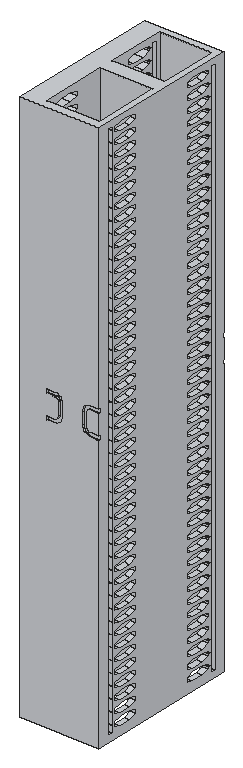
Revit family
Parameters
  Material ID = "760089375"
  Description = "Vertical Cable Management Kit, 12in X 84in (305mm X 2134mm) Double Sided, With Doors, Black"
Reference planes (in)
  plane 1 "Center (Front/Back)": y = 0
  plane 2: z = 0
  plane 3 "Center (Left/Right)": x = 0
Forms (in)
  Extrusion 1, void, not visible
    sketch origin (0, 0, 0) x (1, 0, 0) y (0, 0, 1)
      loop
        line (-7.85662, 0.48089) -> (-7.85662, -0.39002) -> (-7.67285, -0.39002) -> (-7.67285, -0.64002) -> (-7.0736, -0.64002) -> (-7.0736, -0.39002) -> (-6.92978, -0.39002) -> (-6.92978, 0.48089) -> (-7.85662, 0.48089)
    from -3.79215 to 12
  Extrusion 2, void, not visible
    sketch origin (0, 0, 0) x (1, 0, 0) y (0, 0, 1)
      loop
        line (-8.21397, 0.42583) -> (-8.21397, -0.07417) -> (-8.08657, -0.07417) -> (-8.08657, -0.27417) -> (-7.83657, -0.27417) -> (-7.83657, -0.07417) -> (-7.72497, -0.07417) -> (-7.72497, 0.42583) -> (-8.21397, 0.42583)
    from 0.74059 to 3.34334
  Extrusion 3, solid
    sketch origin (0, 0, 0) x (1, 0, 0) y (0, 0, 1)
      loop
        line (-8, 42) -> (-8, -42) -> (4, -42) -> (4, 42) -> (-8, 42)
    from 0 to 23.5
  Extrusion 4, void
    sketch origin (-5.59283, 0, 42) x (0, 1, 0) y (1, 0, 0)
      loop
        line (-1, 0.69283) -> (-1, 8.74283) -> (-10, 8.74283) -> (-10, 0.69283) -> (-1, 0.69283)
      loop
        line (-12.25, 0.69283) -> (-12.25, 8.74283) -> (-22.25, 8.74283) -> (-22.25, 0.69283) -> (-12.25, 0.69283)
    from 0 to 110
  Extrusion 5, void
    sketch origin (4, 0, 20.63333) x (0, 0, 1) y (0, 1, 0)
      loop
        line (-61.63333, -2.51) -> (20.53667, -2.51) -> (20.53667, -1.54) -> (-61.63333, -1.54) -> (-61.63333, -2.51)
      loop
        line (-61.63333, -20.99) -> (-61.63333, -21.96) -> (20.53667, -21.96) -> (20.53667, -20.99) -> (-61.63333, -20.99)
    from 0 to 12
  Extrusion 6, void
    sketch origin (4, 0, 20.63333) x (0, 0, 1) y (0, 1, 0)
      loop
        line (20.18661, -6.98) -> (20.53667, -5.835) -> (20.53667, -4.905) -> (20.53667, -3.975) -> (20.18661, -2.83) -> (19.91167, -2.83) -> (19.91167, -2.2587) -> (19.81167, -2.2587) -> (19.81167, -2.83) -> (19.53673, -2.83) -> (19.18667, -3.975) -> (19.18667, -5.835) -> (19.53673, -6.98) -> (20.18661, -6.98)
      loop
        line (18.43661, -6.98) -> (18.78667, -5.835) -> (18.78667, -4.905) -> (18.78667, -3.975) -> (18.43661, -2.83) -> (18.16167, -2.83) -> (18.16167, -2.2587) -> (18.06167, -2.2587) -> (18.06167, -2.83) -> (17.78673, -2.83) -> (17.43667, -3.975) -> (17.43667, -5.835) -> (17.78673, -6.98) -> (18.43661, -6.98)
      loop
        line (16.68661, -6.98) -> (17.03667, -5.835) -> (17.03667, -4.905) -> (17.03667, -3.975) -> (16.68661, -2.83) -> (16.41167, -2.83) -> (16.41167, -2.2587) -> (16.31167, -2.2587) -> (16.31167, -2.83) -> (16.03673, -2.83) -> (15.68667, -3.975) -> (15.68667, -5.835) -> (16.03673, -6.98) -> (16.68661, -6.98)
      loop
        line (14.93661, -6.98) -> (15.28667, -5.835) -> (15.28667, -4.905) -> (15.28667, -3.975) -> (14.93661, -2.83) -> (14.66167, -2.83) -> (14.66167, -2.2587) -> (14.56167, -2.2587) -> (14.56167, -2.83) -> (14.28673, -2.83) -> (13.93667, -3.975) -> (13.93667, -5.835) -> (14.28673, -6.98) -> (14.93661, -6.98)
      loop
        line (13.18661, -6.98) -> (13.53667, -5.835) -> (13.53667, -4.905) -> (13.53667, -3.975) -> (13.18661, -2.83) -> (12.91167, -2.83) -> (12.91167, -2.2587) -> (12.81167, -2.2587) -> (12.81167, -2.83) -> (12.53673, -2.83) -> (12.18667, -3.975) -> (12.18667, -5.835) -> (12.53673, -6.98) -> (13.18661, -6.98)
      loop
        line (11.43661, -6.98) -> (11.78667, -5.835) -> (11.78667, -4.905) -> (11.78667, -3.975) -> (11.43661, -2.83) -> (11.16167, -2.83) -> (11.16167, -2.2587) -> (11.06167, -2.2587) -> (11.06167, -2.83) -> (10.78673, -2.83) -> (10.43667, -3.975) -> (10.43667, -5.835) -> (10.78673, -6.98) -> (11.43661, -6.98)
      loop
        line (9.68661, -6.98) -> (10.03667, -5.835) -> (10.03667, -4.905) -> (10.03667, -3.975) -> (9.68661, -2.83) -> (9.41167, -2.83) -> (9.41167, -2.2587) -> (9.31167, -2.2587) -> (9.31167, -2.83) -> (9.03673, -2.83) -> (8.68667, -3.975) -> (8.68667, -5.835) -> (9.03673, -6.98) -> (9.68661, -6.98)
      loop
        line (7.93661, -6.98) -> (8.28667, -5.835) -> (8.28667, -4.905) -> (8.28667, -3.975) -> (7.93661, -2.83) -> (7.66167, -2.83) -> (7.66167, -2.2587) -> (7.56167, -2.2587) -> (7.56167, -2.83) -> (7.28673, -2.83) -> (6.93667, -3.975) -> (6.93667, -5.835) -> (7.28673, -6.98) -> (7.93661, -6.98)
      loop
        line (6.18661, -6.98) -> (6.53667, -5.835) -> (6.53667, -4.905) -> (6.53667, -3.975) -> (6.18661, -2.83) -> (5.91167, -2.83) -> (5.91167, -2.2587) -> (5.81167, -2.2587) -> (5.81167, -2.83) -> (5.53673, -2.83) -> (5.18667, -3.975) -> (5.18667, -5.835) -> (5.53673, -6.98) -> (6.18661, -6.98)
      loop
        line (4.43661, -6.98) -> (4.78667, -5.835) -> (4.78667, -4.905) -> (4.78667, -3.975) -> (4.43661, -2.83) -> (4.16167, -2.83) -> (4.16167, -2.2587) -> (4.06167, -2.2587) -> (4.06167, -2.83) -> (3.78673, -2.83) -> (3.43667, -3.975) -> (3.43667, -5.835) -> (3.78673, -6.98) -> (4.43661, -6.98)
      loop
        line (2.68661, -6.98) -> (3.03667, -5.835) -> (3.03667, -4.905) -> (3.03667, -3.975) -> (2.68661, -2.83) -> (2.41167, -2.83) -> (2.41167, -2.2587) -> (2.31167, -2.2587) -> (2.31167, -2.83) -> (2.03673, -2.83) -> (1.68667, -3.975) -> (1.68667, -5.835) -> (2.03673, -6.98) -> (2.68661, -6.98)
      loop
        line (0.93661, -6.98) -> (1.28667, -5.835) -> (1.28667, -4.905) -> (1.28667, -3.975) -> (0.93661, -2.83) -> (0.66167, -2.83) -> (0.66167, -2.2587) -> (0.56167, -2.2587) -> (0.56167, -2.83) -> (0.28673, -2.83) -> (-0.06333, -3.975) -> (-0.06333, -5.835) -> (0.28673, -6.98) -> (0.93661, -6.98)
      loop
        line (-0.81339, -6.98) -> (-0.46333, -5.835) -> (-0.46333, -4.905) -> (-0.46333, -3.975) -> (-0.81339, -2.83) -> (-1.08833, -2.83) -> (-1.08833, -2.2587) -> (-1.18833, -2.2587) -> (-1.18833, -2.83) -> (-1.46327, -2.83) -> (-1.81333, -3.975) -> (-1.81333, -5.835) -> (-1.46327, -6.98) -> (-0.81339, -6.98)
      loop
        line (-2.56339, -6.98) -> (-2.21333, -5.835) -> (-2.21333, -4.905) -> (-2.21333, -3.975) -> (-2.56339, -2.83) -> (-2.83833, -2.83) -> (-2.83833, -2.2587) -> (-2.93833, -2.2587) -> (-2.93833, -2.83) -> (-3.21327, -2.83) -> (-3.56333, -3.975) -> (-3.56333, -5.835) -> (-3.21327, -6.98) -> (-2.56339, -6.98)
      loop
        line (-4.31339, -6.98) -> (-3.96333, -5.835) -> (-3.96333, -4.905) -> (-3.96333, -3.975) -> (-4.31339, -2.83) -> (-4.58833, -2.83) -> (-4.58833, -2.2587) -> (-4.68833, -2.2587) -> (-4.68833, -2.83) -> (-4.96327, -2.83) -> (-5.31333, -3.975) -> (-5.31333, -5.835) -> (-4.96327, -6.98) -> (-4.31339, -6.98)
      loop
        line (-6.06339, -6.98) -> (-5.71333, -5.835) -> (-5.71333, -4.905) -> (-5.71333, -3.975) -> (-6.06339, -2.83) -> (-6.33833, -2.83) -> (-6.33833, -2.2587) -> (-6.43833, -2.2587) -> (-6.43833, -2.83) -> (-6.71327, -2.83) -> (-7.06333, -3.975) -> (-7.06333, -5.835) -> (-6.71327, -6.98) -> (-6.06339, -6.98)
      loop
        line (-7.81339, -6.98) -> (-7.46333, -5.835) -> (-7.46333, -4.905) -> (-7.46333, -3.975) -> (-7.81339, -2.83) -> (-8.08833, -2.83) -> (-8.08833, -2.2587) -> (-8.18833, -2.2587) -> (-8.18833, -2.83) -> (-8.46327, -2.83) -> (-8.81333, -3.975) -> (-8.81333, -5.835) -> (-8.46327, -6.98) -> (-7.81339, -6.98)
      loop
        line (-9.56339, -6.98) -> (-9.21333, -5.835) -> (-9.21333, -4.905) -> (-9.21333, -3.975) -> (-9.56339, -2.83) -> (-9.83833, -2.83) -> (-9.83833, -2.2587) -> (-9.93833, -2.2587) -> (-9.93833, -2.83) -> (-10.21327, -2.83) -> (-10.56333, -3.975) -> (-10.56333, -5.835) -> (-10.21327, -6.98) -> (-9.56339, -6.98)
      loop
        line (-11.31339, -6.98) -> (-10.96333, -5.835) -> (-10.96333, -4.905) -> (-10.96333, -3.975) -> (-11.31339, -2.83) -> (-11.58833, -2.83) -> (-11.58833, -2.2587) -> (-11.68833, -2.2587) -> (-11.68833, -2.83) -> (-11.96327, -2.83) -> (-12.31333, -3.975) -> (-12.31333, -5.835) -> (-11.96327, -6.98) -> (-11.31339, -6.98)
      loop
        line (-13.06339, -6.98) -> (-12.71333, -5.835) -> (-12.71333, -4.905) -> (-12.71333, -3.975) -> (-13.06339, -2.83) -> (-13.33833, -2.83) -> (-13.33833, -2.2587) -> (-13.43833, -2.2587) -> (-13.43833, -2.83) -> (-13.71327, -2.83) -> (-14.06333, -3.975) -> (-14.06333, -5.835) -> (-13.71327, -6.98) -> (-13.06339, -6.98)
      loop
        line (-14.81339, -6.98) -> (-14.46333, -5.835) -> (-14.46333, -4.905) -> (-14.46333, -3.975) -> (-14.81339, -2.83) -> (-15.08833, -2.83) -> (-15.08833, -2.2587) -> (-15.18833, -2.2587) -> (-15.18833, -2.83) -> (-15.46327, -2.83) -> (-15.81333, -3.975) -> (-15.81333, -5.835) -> (-15.46327, -6.98) -> (-14.81339, -6.98)
      loop
        line (-16.56339, -6.98) -> (-16.21333, -5.835) -> (-16.21333, -4.905) -> (-16.21333, -3.975) -> (-16.56339, -2.83) -> (-16.83833, -2.83) -> (-16.83833, -2.2587) -> (-16.93833, -2.2587) -> (-16.93833, -2.83) -> (-17.21327, -2.83) -> (-17.56333, -3.975) -> (-17.56333, -5.835) -> (-17.21327, -6.98) -> (-16.56339, -6.98)
      loop
        line (-18.31339, -6.98) -> (-17.96333, -5.835) -> (-17.96333, -4.905) -> (-17.96333, -3.975) -> (-18.31339, -2.83) -> (-18.58833, -2.83) -> (-18.58833, -2.2587) -> (-18.68833, -2.2587) -> (-18.68833, -2.83) -> (-18.96327, -2.83) -> (-19.31333, -3.975) -> (-19.31333, -5.835) -> (-18.96327, -6.98) -> (-18.31339, -6.98)
      loop
        line (-20.06339, -6.98) -> (-19.71333, -5.835) -> (-19.71333, -4.905) -> (-19.71333, -3.975) -> (-20.06339, -2.83) -> (-20.33833, -2.83) -> (-20.33833, -2.2587) -> (-20.43833, -2.2587) -> (-20.43833, -2.83) -> (-20.71327, -2.83) -> (-21.06333, -3.975) -> (-21.06333, -5.835) -> (-20.71327, -6.98) -> (-20.06339, -6.98)
      loop
        line (-21.81339, -6.98) -> (-21.46333, -5.835) -> (-21.46333, -4.905) -> (-21.46333, -3.975) -> (-21.81339, -2.83) -> (-22.08833, -2.83) -> (-22.08833, -2.2587) -> (-22.18833, -2.2587) -> (-22.18833, -2.83) -> (-22.46327, -2.83) -> (-22.81333, -3.975) -> (-22.81333, -5.835) -> (-22.46327, -6.98) -> (-21.81339, -6.98)
      loop
        line (-23.56339, -6.98) -> (-23.21333, -5.835) -> (-23.21333, -4.905) -> (-23.21333, -3.975) -> (-23.56339, -2.83) -> (-23.83833, -2.83) -> (-23.83833, -2.2587) -> (-23.93833, -2.2587) -> (-23.93833, -2.83) -> (-24.21327, -2.83) -> (-24.56333, -3.975) -> (-24.56333, -5.835) -> (-24.21327, -6.98) -> (-23.56339, -6.98)
      loop
        line (-25.31339, -6.98) -> (-24.96333, -5.835) -> (-24.96333, -4.905) -> (-24.96333, -3.975) -> (-25.31339, -2.83) -> (-25.58833, -2.83) -> (-25.58833, -2.2587) -> (-25.68833, -2.2587) -> (-25.68833, -2.83) -> (-25.96327, -2.83) -> (-26.31333, -3.975) -> (-26.31333, -5.835) -> (-25.96327, -6.98) -> (-25.31339, -6.98)
      loop
        line (-27.06339, -6.98) -> (-26.71333, -5.835) -> (-26.71333, -4.905) -> (-26.71333, -3.975) -> (-27.06339, -2.83) -> (-27.33833, -2.83) -> (-27.33833, -2.2587) -> (-27.43833, -2.2587) -> (-27.43833, -2.83) -> (-27.71327, -2.83) -> (-28.06333, -3.975) -> (-28.06333, -5.835) -> (-27.71327, -6.98) -> (-27.06339, -6.98)
      loop
        line (-28.81339, -6.98) -> (-28.46333, -5.835) -> (-28.46333, -4.905) -> (-28.46333, -3.975) -> (-28.81339, -2.83) -> (-29.08833, -2.83) -> (-29.08833, -2.2587) -> (-29.18833, -2.2587) -> (-29.18833, -2.83) -> (-29.46327, -2.83) -> (-29.81333, -3.975) -> (-29.81333, -5.835) -> (-29.46327, -6.98) -> (-28.81339, -6.98)
      loop
        line (-30.56339, -6.98) -> (-30.21333, -5.835) -> (-30.21333, -4.905) -> (-30.21333, -3.975) -> (-30.56339, -2.83) -> (-30.83833, -2.83) -> (-30.83833, -2.2587) -> (-30.93833, -2.2587) -> (-30.93833, -2.83) -> (-31.21327, -2.83) -> (-31.56333, -3.975) -> (-31.56333, -5.835) -> (-31.21327, -6.98) -> (-30.56339, -6.98)
      loop
        line (-32.31339, -6.98) -> (-31.96333, -5.835) -> (-31.96333, -4.905) -> (-31.96333, -3.975) -> (-32.31339, -2.83) -> (-32.58833, -2.83) -> (-32.58833, -2.2587) -> (-32.68833, -2.2587) -> (-32.68833, -2.83) -> (-32.96327, -2.83) -> (-33.31333, -3.975) -> (-33.31333, -5.835) -> (-32.96327, -6.98) -> (-32.31339, -6.98)
      loop
        line (-34.06339, -6.98) -> (-33.71333, -5.835) -> (-33.71333, -4.905) -> (-33.71333, -3.975) -> (-34.06339, -2.83) -> (-34.33833, -2.83) -> (-34.33833, -2.2587) -> (-34.43833, -2.2587) -> (-34.43833, -2.83) -> (-34.71327, -2.83) -> (-35.06333, -3.975) -> (-35.06333, -5.835) -> (-34.71327, -6.98) -> (-34.06339, -6.98)
      loop
        line (-35.81339, -6.98) -> (-35.46333, -5.835) -> (-35.46333, -4.905) -> (-35.46333, -3.975) -> (-35.81339, -2.83) -> (-36.08833, -2.83) -> (-36.08833, -2.2587) -> (-36.18833, -2.2587) -> (-36.18833, -2.83) -> (-36.46327, -2.83) -> (-36.81333, -3.975) -> (-36.81333, -5.835) -> (-36.46327, -6.98) -> (-35.81339, -6.98)
      loop
        line (-37.56339, -6.98) -> (-37.21333, -5.835) -> (-37.21333, -4.905) -> (-37.21333, -3.975) -> (-37.56339, -2.83) -> (-37.83833, -2.83) -> (-37.83833, -2.2587) -> (-37.93833, -2.2587) -> (-37.93833, -2.83) -> (-38.21327, -2.83) -> (-38.56333, -3.975) -> (-38.56333, -5.835) -> (-38.21327, -6.98) -> (-37.56339, -6.98)
      loop
        line (-39.31339, -6.98) -> (-38.96333, -5.835) -> (-38.96333, -4.905) -> (-38.96333, -3.975) -> (-39.31339, -2.83) -> (-39.58833, -2.83) -> (-39.58833, -2.2587) -> (-39.68833, -2.2587) -> (-39.68833, -2.83) -> (-39.96327, -2.83) -> (-40.31333, -3.975) -> (-40.31333, -5.835) -> (-39.96327, -6.98) -> (-39.31339, -6.98)
      loop
        line (-41.06339, -6.98) -> (-40.71333, -5.835) -> (-40.71333, -4.905) -> (-40.71333, -3.975) -> (-41.06339, -2.83) -> (-41.33833, -2.83) -> (-41.33833, -2.2587) -> (-41.43833, -2.2587) -> (-41.43833, -2.83) -> (-41.71327, -2.83) -> (-42.06333, -3.975) -> (-42.06333, -5.835) -> (-41.71327, -6.98) -> (-41.06339, -6.98)
      loop
        line (-42.81339, -6.98) -> (-42.46333, -5.835) -> (-42.46333, -4.905) -> (-42.46333, -3.975) -> (-42.81339, -2.83) -> (-43.08833, -2.83) -> (-43.08833, -2.2587) -> (-43.18833, -2.2587) -> (-43.18833, -2.83) -> (-43.46327, -2.83) -> (-43.81333, -3.975) -> (-43.81333, -5.835) -> (-43.46327, -6.98) -> (-42.81339, -6.98)
      loop
        line (-44.56339, -6.98) -> (-44.21333, -5.835) -> (-44.21333, -4.905) -> (-44.21333, -3.975) -> (-44.56339, -2.83) -> (-44.83833, -2.83) -> (-44.83833, -2.2587) -> (-44.93833, -2.2587) -> (-44.93833, -2.83) -> (-45.21327, -2.83) -> (-45.56333, -3.975) -> (-45.56333, -5.835) -> (-45.21327, -6.98) -> (-44.56339, -6.98)
      loop
        line (-46.31339, -6.98) -> (-45.96333, -5.835) -> (-45.96333, -4.905) -> (-45.96333, -3.975) -> (-46.31339, -2.83) -> (-46.58833, -2.83) -> (-46.58833, -2.2587) -> (-46.68833, -2.2587) -> (-46.68833, -2.83) -> (-46.96327, -2.83) -> (-47.31333, -3.975) -> (-47.31333, -5.835) -> (-46.96327, -6.98) -> (-46.31339, -6.98)
      loop
        line (-48.06339, -6.98) -> (-47.71333, -5.835) -> (-47.71333, -4.905) -> (-47.71333, -3.975) -> (-48.06339, -2.83) -> (-48.33833, -2.83) -> (-48.33833, -2.2587) -> (-48.43833, -2.2587) -> (-48.43833, -2.83) -> (-48.71327, -2.83) -> (-49.06333, -3.975) -> (-49.06333, -5.835) -> (-48.71327, -6.98) -> (-48.06339, -6.98)
      loop
        line (-49.81339, -6.98) -> (-49.46333, -5.835) -> (-49.46333, -4.905) -> (-49.46333, -3.975) -> (-49.81339, -2.83) -> (-50.08833, -2.83) -> (-50.08833, -2.2587) -> (-50.18833, -2.2587) -> (-50.18833, -2.83) -> (-50.46327, -2.83) -> (-50.81333, -3.975) -> (-50.81333, -5.835) -> (-50.46327, -6.98) -> (-49.81339, -6.98)
      loop
        line (-51.56339, -6.98) -> (-51.21333, -5.835) -> (-51.21333, -4.905) -> (-51.21333, -3.975) -> (-51.56339, -2.83) -> (-51.83833, -2.83) -> (-51.83833, -2.2587) -> (-51.93833, -2.2587) -> (-51.93833, -2.83) -> (-52.21327, -2.83) -> (-52.56333, -3.975) -> (-52.56333, -5.835) -> (-52.21327, -6.98) -> (-51.56339, -6.98)
      loop
        line (-53.31339, -6.98) -> (-52.96333, -5.835) -> (-52.96333, -4.905) -> (-52.96333, -3.975) -> (-53.31339, -2.83) -> (-53.58833, -2.83) -> (-53.58833, -2.2587) -> (-53.68833, -2.2587) -> (-53.68833, -2.83) -> (-53.96327, -2.83) -> (-54.31333, -3.975) -> (-54.31333, -5.835) -> (-53.96327, -6.98) -> (-53.31339, -6.98)
      loop
        line (-55.06339, -6.98) -> (-54.71333, -5.835) -> (-54.71333, -4.905) -> (-54.71333, -3.975) -> (-55.06339, -2.83) -> (-55.33833, -2.83) -> (-55.33833, -2.2587) -> (-55.43833, -2.2587) -> (-55.43833, -2.83) -> (-55.71327, -2.83) -> (-56.06333, -3.975) -> (-56.06333, -5.835) -> (-55.71327, -6.98) -> (-55.06339, -6.98)
      loop
        line (-56.81339, -6.98) -> (-56.46333, -5.835) -> (-56.46333, -4.905) -> (-56.46333, -3.975) -> (-56.81339, -2.83) -> (-57.08833, -2.83) -> (-57.08833, -2.2587) -> (-57.18833, -2.2587) -> (-57.18833, -2.83) -> (-57.46327, -2.83) -> (-57.81333, -3.975) -> (-57.81333, -5.835) -> (-57.46327, -6.98) -> (-56.81339, -6.98)
      loop
        line (-58.56339, -6.98) -> (-58.21333, -5.835) -> (-58.21333, -4.905) -> (-58.21333, -3.975) -> (-58.56339, -2.83) -> (-58.83833, -2.83) -> (-58.83833, -2.2587) -> (-58.93833, -2.2587) -> (-58.93833, -2.83) -> (-59.21327, -2.83) -> (-59.56333, -3.975) -> (-59.56333, -5.835) -> (-59.21327, -6.98) -> (-58.56339, -6.98)
      loop
        line (-60.31339, -6.98) -> (-59.96333, -5.835) -> (-59.96333, -4.905) -> (-59.96333, -3.975) -> (-60.31339, -2.83) -> (-60.58833, -2.83) -> (-60.58833, -2.2587) -> (-60.68833, -2.2587) -> (-60.68833, -2.83) -> (-60.96327, -2.83) -> (-61.31333, -3.975) -> (-61.31333, -5.835) -> (-60.96327, -6.98) -> (-60.31339, -6.98)
      loop
        line (20.18661, -16.52) -> (19.53673, -16.52) -> (19.18667, -17.665) -> (19.18667, -19.525) -> (19.53673, -20.67) -> (19.81167, -20.67) -> (19.81167, -21.2413) -> (19.91167, -21.2413) -> (19.91167, -20.67) -> (20.18661, -20.67) -> (20.53667, -19.525) -> (20.53667, -18.595) -> (20.53667, -17.665) -> (20.18661, -16.52)
      loop
        line (18.43661, -16.52) -> (17.78673, -16.52) -> (17.43667, -17.665) -> (17.43667, -19.525) -> (17.78673, -20.67) -> (18.06167, -20.67) -> (18.06167, -21.2413) -> (18.16167, -21.2413) -> (18.16167, -20.67) -> (18.43661, -20.67) -> (18.78667, -19.525) -> (18.78667, -18.595) -> (18.78667, -17.665) -> (18.43661, -16.52)
      loop
        line (16.68661, -16.52) -> (16.03673, -16.52) -> (15.68667, -17.665) -> (15.68667, -19.525) -> (16.03673, -20.67) -> (16.31167, -20.67) -> (16.31167, -21.2413) -> (16.41167, -21.2413) -> (16.41167, -20.67) -> (16.68661, -20.67) -> (17.03667, -19.525) -> (17.03667, -18.595) -> (17.03667, -17.665) -> (16.68661, -16.52)
      loop
        line (14.93661, -16.52) -> (14.28673, -16.52) -> (13.93667, -17.665) -> (13.93667, -19.525) -> (14.28673, -20.67) -> (14.56167, -20.67) -> (14.56167, -21.2413) -> (14.66167, -21.2413) -> (14.66167, -20.67) -> (14.93661, -20.67) -> (15.28667, -19.525) -> (15.28667, -18.595) -> (15.28667, -17.665) -> (14.93661, -16.52)
      loop
        line (13.18661, -16.52) -> (12.53673, -16.52) -> (12.18667, -17.665) -> (12.18667, -19.525) -> (12.53673, -20.67) -> (12.81167, -20.67) -> (12.81167, -21.2413) -> (12.91167, -21.2413) -> (12.91167, -20.67) -> (13.18661, -20.67) -> (13.53667, -19.525) -> (13.53667, -18.595) -> (13.53667, -17.665) -> (13.18661, -16.52)
      loop
        line (11.43661, -16.52) -> (10.78673, -16.52) -> (10.43667, -17.665) -> (10.43667, -19.525) -> (10.78673, -20.67) -> (11.06167, -20.67) -> (11.06167, -21.2413) -> (11.16167, -21.2413) -> (11.16167, -20.67) -> (11.43661, -20.67) -> (11.78667, -19.525) -> (11.78667, -18.595) -> (11.78667, -17.665) -> (11.43661, -16.52)
      loop
        line (9.68661, -16.52) -> (9.03673, -16.52) -> (8.68667, -17.665) -> (8.68667, -19.525) -> (9.03673, -20.67) -> (9.31167, -20.67) -> (9.31167, -21.2413) -> (9.41167, -21.2413) -> (9.41167, -20.67) -> (9.68661, -20.67) -> (10.03667, -19.525) -> (10.03667, -18.595) -> (10.03667, -17.665) -> (9.68661, -16.52)
      loop
        line (7.93661, -16.52) -> (7.28673, -16.52) -> (6.93667, -17.665) -> (6.93667, -19.525) -> (7.28673, -20.67) -> (7.56167, -20.67) -> (7.56167, -21.2413) -> (7.66167, -21.2413) -> (7.66167, -20.67) -> (7.93661, -20.67) -> (8.28667, -19.525) -> (8.28667, -18.595) -> (8.28667, -17.665) -> (7.93661, -16.52)
      loop
        line (6.18661, -16.52) -> (5.53673, -16.52) -> (5.18667, -17.665) -> (5.18667, -19.525) -> (5.53673, -20.67) -> (5.81167, -20.67) -> (5.81167, -21.2413) -> (5.91167, -21.2413) -> (5.91167, -20.67) -> (6.18661, -20.67) -> (6.53667, -19.525) -> (6.53667, -18.595) -> (6.53667, -17.665) -> (6.18661, -16.52)
      loop
        line (4.43661, -16.52) -> (3.78673, -16.52) -> (3.43667, -17.665) -> (3.43667, -19.525) -> (3.78673, -20.67) -> (4.06167, -20.67) -> (4.06167, -21.2413) -> (4.16167, -21.2413) -> (4.16167, -20.67) -> (4.43661, -20.67) -> (4.78667, -19.525) -> (4.78667, -18.595) -> (4.78667, -17.665) -> (4.43661, -16.52)
      loop
        line (2.68661, -16.52) -> (2.03673, -16.52) -> (1.68667, -17.665) -> (1.68667, -19.525) -> (2.03673, -20.67) -> (2.31167, -20.67) -> (2.31167, -21.2413) -> (2.41167, -21.2413) -> (2.41167, -20.67) -> (2.68661, -20.67) -> (3.03667, -19.525) -> (3.03667, -18.595) -> (3.03667, -17.665) -> (2.68661, -16.52)
      loop
        line (0.93661, -16.52) -> (0.28673, -16.52) -> (-0.06333, -17.665) -> (-0.06333, -19.525) -> (0.28673, -20.67) -> (0.56167, -20.67) -> (0.56167, -21.2413) -> (0.66167, -21.2413) -> (0.66167, -20.67) -> (0.93661, -20.67) -> (1.28667, -19.525) -> (1.28667, -18.595) -> (1.28667, -17.665) -> (0.93661, -16.52)
      loop
        line (-0.81339, -16.52) -> (-1.46327, -16.52) -> (-1.81333, -17.665) -> (-1.81333, -19.525) -> (-1.46327, -20.67) -> (-1.18833, -20.67) -> (-1.18833, -21.2413) -> (-1.08833, -21.2413) -> (-1.08833, -20.67) -> (-0.81339, -20.67) -> (-0.46333, -19.525) -> (-0.46333, -18.595) -> (-0.46333, -17.665) -> (-0.81339, -16.52)
      loop
        line (-2.56339, -16.52) -> (-3.21327, -16.52) -> (-3.56333, -17.665) -> (-3.56333, -19.525) -> (-3.21327, -20.67) -> (-2.93833, -20.67) -> (-2.93833, -21.2413) -> (-2.83833, -21.2413) -> (-2.83833, -20.67) -> (-2.56339, -20.67) -> (-2.21333, -19.525) -> (-2.21333, -18.595) -> (-2.21333, -17.665) -> (-2.56339, -16.52)
      loop
        line (-4.31339, -16.52) -> (-4.96327, -16.52) -> (-5.31333, -17.665) -> (-5.31333, -19.525) -> (-4.96327, -20.67) -> (-4.68833, -20.67) -> (-4.68833, -21.2413) -> (-4.58833, -21.2413) -> (-4.58833, -20.67) -> (-4.31339, -20.67) -> (-3.96333, -19.525) -> (-3.96333, -18.595) -> (-3.96333, -17.665) -> (-4.31339, -16.52)
      loop
        line (-6.06339, -16.52) -> (-6.71327, -16.52) -> (-7.06333, -17.665) -> (-7.06333, -19.525) -> (-6.71327, -20.67) -> (-6.43833, -20.67) -> (-6.43833, -21.2413) -> (-6.33833, -21.2413) -> (-6.33833, -20.67) -> (-6.06339, -20.67) -> (-5.71333, -19.525) -> (-5.71333, -18.595) -> (-5.71333, -17.665) -> (-6.06339, -16.52)
      loop
        line (-7.81339, -16.52) -> (-8.46327, -16.52) -> (-8.81333, -17.665) -> (-8.81333, -19.525) -> (-8.46327, -20.67) -> (-8.18833, -20.67) -> (-8.18833, -21.2413) -> (-8.08833, -21.2413) -> (-8.08833, -20.67) -> (-7.81339, -20.67) -> (-7.46333, -19.525) -> (-7.46333, -18.595) -> (-7.46333, -17.665) -> (-7.81339, -16.52)
      loop
        line (-9.56339, -16.52) -> (-10.21327, -16.52) -> (-10.56333, -17.665) -> (-10.56333, -19.525) -> (-10.21327, -20.67) -> (-9.93833, -20.67) -> (-9.93833, -21.2413) -> (-9.83833, -21.2413) -> (-9.83833, -20.67) -> (-9.56339, -20.67) -> (-9.21333, -19.525) -> (-9.21333, -18.595) -> (-9.21333, -17.665) -> (-9.56339, -16.52)
      loop
        line (-11.31339, -16.52) -> (-11.96327, -16.52) -> (-12.31333, -17.665) -> (-12.31333, -19.525) -> (-11.96327, -20.67) -> (-11.68833, -20.67) -> (-11.68833, -21.2413) -> (-11.58833, -21.2413) -> (-11.58833, -20.67) -> (-11.31339, -20.67) -> (-10.96333, -19.525) -> (-10.96333, -18.595) -> (-10.96333, -17.665) -> (-11.31339, -16.52)
      loop
        line (-13.06339, -16.52) -> (-13.71327, -16.52) -> (-14.06333, -17.665) -> (-14.06333, -19.525) -> (-13.71327, -20.67) -> (-13.43833, -20.67) -> (-13.43833, -21.2413) -> (-13.33833, -21.2413) -> (-13.33833, -20.67) -> (-13.06339, -20.67) -> (-12.71333, -19.525) -> (-12.71333, -18.595) -> (-12.71333, -17.665) -> (-13.06339, -16.52)
      loop
        line (-14.81339, -16.52) -> (-15.46327, -16.52) -> (-15.81333, -17.665) -> (-15.81333, -19.525) -> (-15.46327, -20.67) -> (-15.18833, -20.67) -> (-15.18833, -21.2413) -> (-15.08833, -21.2413) -> (-15.08833, -20.67) -> (-14.81339, -20.67) -> (-14.46333, -19.525) -> (-14.46333, -18.595) -> (-14.46333, -17.665) -> (-14.81339, -16.52)
      loop
        line (-16.56339, -16.52) -> (-17.21327, -16.52) -> (-17.56333, -17.665) -> (-17.56333, -19.525) -> (-17.21327, -20.67) -> (-16.93833, -20.67) -> (-16.93833, -21.2413) -> (-16.83833, -21.2413) -> (-16.83833, -20.67) -> (-16.56339, -20.67) -> (-16.21333, -19.525) -> (-16.21333, -18.595) -> (-16.21333, -17.665) -> (-16.56339, -16.52)
      loop
        line (-18.31339, -16.52) -> (-18.96327, -16.52) -> (-19.31333, -17.665) -> (-19.31333, -19.525) -> (-18.96327, -20.67) -> (-18.68833, -20.67) -> (-18.68833, -21.2413) -> (-18.58833, -21.2413) -> (-18.58833, -20.67) -> (-18.31339, -20.67) -> (-17.96333, -19.525) -> (-17.96333, -18.595) -> (-17.96333, -17.665) -> (-18.31339, -16.52)
      loop
        line (-20.06339, -16.52) -> (-20.71327, -16.52) -> (-21.06333, -17.665) -> (-21.06333, -19.525) -> (-20.71327, -20.67) -> (-20.43833, -20.67) -> (-20.43833, -21.2413) -> (-20.33833, -21.2413) -> (-20.33833, -20.67) -> (-20.06339, -20.67) -> (-19.71333, -19.525) -> (-19.71333, -18.595) -> (-19.71333, -17.665) -> (-20.06339, -16.52)
      loop
        line (-21.81339, -16.52) -> (-22.46327, -16.52) -> (-22.81333, -17.665) -> (-22.81333, -19.525) -> (-22.46327, -20.67) -> (-22.18833, -20.67) -> (-22.18833, -21.2413) -> (-22.08833, -21.2413) -> (-22.08833, -20.67) -> (-21.81339, -20.67) -> (-21.46333, -19.525) -> (-21.46333, -18.595) -> (-21.46333, -17.665) -> (-21.81339, -16.52)
      loop
        line (-23.56339, -16.52) -> (-24.21327, -16.52) -> (-24.56333, -17.665) -> (-24.56333, -19.525) -> (-24.21327, -20.67) -> (-23.93833, -20.67) -> (-23.93833, -21.2413) -> (-23.83833, -21.2413) -> (-23.83833, -20.67) -> (-23.56339, -20.67) -> (-23.21333, -19.525) -> (-23.21333, -18.595) -> (-23.21333, -17.665) -> (-23.56339, -16.52)
      loop
        line (-25.31339, -16.52) -> (-25.96327, -16.52) -> (-26.31333, -17.665) -> (-26.31333, -19.525) -> (-25.96327, -20.67) -> (-25.68833, -20.67) -> (-25.68833, -21.2413) -> (-25.58833, -21.2413) -> (-25.58833, -20.67) -> (-25.31339, -20.67) -> (-24.96333, -19.525) -> (-24.96333, -18.595) -> (-24.96333, -17.665) -> (-25.31339, -16.52)
      loop
        line (-27.06339, -16.52) -> (-27.71327, -16.52) -> (-28.06333, -17.665) -> (-28.06333, -19.525) -> (-27.71327, -20.67) -> (-27.43833, -20.67) -> (-27.43833, -21.2413) -> (-27.33833, -21.2413) -> (-27.33833, -20.67) -> (-27.06339, -20.67) -> (-26.71333, -19.525) -> (-26.71333, -18.595) -> (-26.71333, -17.665) -> (-27.06339, -16.52)
      loop
        line (-28.81339, -16.52) -> (-29.46327, -16.52) -> (-29.81333, -17.665) -> (-29.81333, -19.525) -> (-29.46327, -20.67) -> (-29.18833, -20.67) -> (-29.18833, -21.2413) -> (-29.08833, -21.2413) -> (-29.08833, -20.67) -> (-28.81339, -20.67) -> (-28.46333, -19.525) -> (-28.46333, -18.595) -> (-28.46333, -17.665) -> (-28.81339, -16.52)
      loop
        line (-30.56339, -16.52) -> (-31.21327, -16.52) -> (-31.56333, -17.665) -> (-31.56333, -19.525) -> (-31.21327, -20.67) -> (-30.93833, -20.67) -> (-30.93833, -21.2413) -> (-30.83833, -21.2413) -> (-30.83833, -20.67) -> (-30.56339, -20.67) -> (-30.21333, -19.525) -> (-30.21333, -18.595) -> (-30.21333, -17.665) -> (-30.56339, -16.52)
      loop
        line (-32.31339, -16.52) -> (-32.96327, -16.52) -> (-33.31333, -17.665) -> (-33.31333, -19.525) -> (-32.96327, -20.67) -> (-32.68833, -20.67) -> (-32.68833, -21.2413) -> (-32.58833, -21.2413) -> (-32.58833, -20.67) -> (-32.31339, -20.67) -> (-31.96333, -19.525) -> (-31.96333, -18.595) -> (-31.96333, -17.665) -> (-32.31339, -16.52)
      loop
        line (-34.06339, -16.52) -> (-34.71327, -16.52) -> (-35.06333, -17.665) -> (-35.06333, -19.525) -> (-34.71327, -20.67) -> (-34.43833, -20.67) -> (-34.43833, -21.2413) -> (-34.33833, -21.2413) -> (-34.33833, -20.67) -> (-34.06339, -20.67) -> (-33.71333, -19.525) -> (-33.71333, -18.595) -> (-33.71333, -17.665) -> (-34.06339, -16.52)
      loop
        line (-35.81339, -16.52) -> (-36.46327, -16.52) -> (-36.81333, -17.665) -> (-36.81333, -19.525) -> (-36.46327, -20.67) -> (-36.18833, -20.67) -> (-36.18833, -21.2413) -> (-36.08833, -21.2413) -> (-36.08833, -20.67) -> (-35.81339, -20.67) -> (-35.46333, -19.525) -> (-35.46333, -18.595) -> (-35.46333, -17.665) -> (-35.81339, -16.52)
      loop
        line (-37.56339, -16.52) -> (-38.21327, -16.52) -> (-38.56333, -17.665) -> (-38.56333, -19.525) -> (-38.21327, -20.67) -> (-37.93833, -20.67) -> (-37.93833, -21.2413) -> (-37.83833, -21.2413) -> (-37.83833, -20.67) -> (-37.56339, -20.67) -> (-37.21333, -19.525) -> (-37.21333, -18.595) -> (-37.21333, -17.665) -> (-37.56339, -16.52)
      loop
        line (-39.31339, -16.52) -> (-39.96327, -16.52) -> (-40.31333, -17.665) -> (-40.31333, -19.525) -> (-39.96327, -20.67) -> (-39.68833, -20.67) -> (-39.68833, -21.2413) -> (-39.58833, -21.2413) -> (-39.58833, -20.67) -> (-39.31339, -20.67) -> (-38.96333, -19.525) -> (-38.96333, -18.595) -> (-38.96333, -17.665) -> (-39.31339, -16.52)
      loop
        line (-41.06339, -16.52) -> (-41.71327, -16.52) -> (-42.06333, -17.665) -> (-42.06333, -19.525) -> (-41.71327, -20.67) -> (-41.43833, -20.67) -> (-41.43833, -21.2413) -> (-41.33833, -21.2413) -> (-41.33833, -20.67) -> (-41.06339, -20.67) -> (-40.71333, -19.525) -> (-40.71333, -18.595) -> (-40.71333, -17.665) -> (-41.06339, -16.52)
      loop
        line (-42.81339, -16.52) -> (-43.46327, -16.52) -> (-43.81333, -17.665) -> (-43.81333, -19.525) -> (-43.46327, -20.67) -> (-43.18833, -20.67) -> (-43.18833, -21.2413) -> (-43.08833, -21.2413) -> (-43.08833, -20.67) -> (-42.81339, -20.67) -> (-42.46333, -19.525) -> (-42.46333, -18.595) -> (-42.46333, -17.665) -> (-42.81339, -16.52)
      loop
        line (-44.56339, -16.52) -> (-45.21327, -16.52) -> (-45.56333, -17.665) -> (-45.56333, -19.525) -> (-45.21327, -20.67) -> (-44.93833, -20.67) -> (-44.93833, -21.2413) -> (-44.83833, -21.2413) -> (-44.83833, -20.67) -> (-44.56339, -20.67) -> (-44.21333, -19.525) -> (-44.21333, -18.595) -> (-44.21333, -17.665) -> (-44.56339, -16.52)
      loop
        line (-46.31339, -16.52) -> (-46.96327, -16.52) -> (-47.31333, -17.665) -> (-47.31333, -19.525) -> (-46.96327, -20.67) -> (-46.68833, -20.67) -> (-46.68833, -21.2413) -> (-46.58833, -21.2413) -> (-46.58833, -20.67) -> (-46.31339, -20.67) -> (-45.96333, -19.525) -> (-45.96333, -18.595) -> (-45.96333, -17.665) -> (-46.31339, -16.52)
      loop
        line (-48.06339, -16.52) -> (-48.71327, -16.52) -> (-49.06333, -17.665) -> (-49.06333, -19.525) -> (-48.71327, -20.67) -> (-48.43833, -20.67) -> (-48.43833, -21.2413) -> (-48.33833, -21.2413) -> (-48.33833, -20.67) -> (-48.06339, -20.67) -> (-47.71333, -19.525) -> (-47.71333, -18.595) -> (-47.71333, -17.665) -> (-48.06339, -16.52)
      loop
        line (-49.81339, -16.52) -> (-50.46327, -16.52) -> (-50.81333, -17.665) -> (-50.81333, -19.525) -> (-50.46327, -20.67) -> (-50.18833, -20.67) -> (-50.18833, -21.2413) -> (-50.08833, -21.2413) -> (-50.08833, -20.67) -> (-49.81339, -20.67) -> (-49.46333, -19.525) -> (-49.46333, -18.595) -> (-49.46333, -17.665) -> (-49.81339, -16.52)
      loop
        line (-51.56339, -16.52) -> (-52.21327, -16.52) -> (-52.56333, -17.665) -> (-52.56333, -19.525) -> (-52.21327, -20.67) -> (-51.93833, -20.67) -> (-51.93833, -21.2413) -> (-51.83833, -21.2413) -> (-51.83833, -20.67) -> (-51.56339, -20.67) -> (-51.21333, -19.525) -> (-51.21333, -18.595) -> (-51.21333, -17.665) -> (-51.56339, -16.52)
      loop
        line (-53.31339, -16.52) -> (-53.96327, -16.52) -> (-54.31333, -17.665) -> (-54.31333, -19.525) -> (-53.96327, -20.67) -> (-53.68833, -20.67) -> (-53.68833, -21.2413) -> (-53.58833, -21.2413) -> (-53.58833, -20.67) -> (-53.31339, -20.67) -> (-52.96333, -19.525) -> (-52.96333, -18.595) -> (-52.96333, -17.665) -> (-53.31339, -16.52)
      loop
        line (-55.06339, -16.52) -> (-55.71327, -16.52) -> (-56.06333, -17.665) -> (-56.06333, -19.525) -> (-55.71327, -20.67) -> (-55.43833, -20.67) -> (-55.43833, -21.2413) -> (-55.33833, -21.2413) -> (-55.33833, -20.67) -> (-55.06339, -20.67) -> (-54.71333, -19.525) -> (-54.71333, -18.595) -> (-54.71333, -17.665) -> (-55.06339, -16.52)
      loop
        line (-56.81339, -16.52) -> (-57.46327, -16.52) -> (-57.81333, -17.665) -> (-57.81333, -19.525) -> (-57.46327, -20.67) -> (-57.18833, -20.67) -> (-57.18833, -21.2413) -> (-57.08833, -21.2413) -> (-57.08833, -20.67) -> (-56.81339, -20.67) -> (-56.46333, -19.525) -> (-56.46333, -18.595) -> (-56.46333, -17.665) -> (-56.81339, -16.52)
      loop
        line (-58.56339, -16.52) -> (-59.21327, -16.52) -> (-59.56333, -17.665) -> (-59.56333, -19.525) -> (-59.21327, -20.67) -> (-58.93833, -20.67) -> (-58.93833, -21.2413) -> (-58.83833, -21.2413) -> (-58.83833, -20.67) -> (-58.56339, -20.67) -> (-58.21333, -19.525) -> (-58.21333, -18.595) -> (-58.21333, -17.665) -> (-58.56339, -16.52)
      loop
        line (-60.31339, -16.52) -> (-60.96327, -16.52) -> (-61.31333, -17.665) -> (-61.31333, -19.525) -> (-60.96327, -20.67) -> (-60.68833, -20.67) -> (-60.68833, -21.2413) -> (-60.58833, -21.2413) -> (-60.58833, -20.67) -> (-60.31339, -20.67) -> (-59.96333, -19.525) -> (-59.96333, -18.595) -> (-59.96333, -17.665) -> (-60.31339, -16.52)
    from 0 to 12
  Extrusion 7, void
    sketch origin (0, -23.5, 0) x (-1, 0, 0) y (0, 0, 1)
      loop
        line (4, 3.95389) -> (2.73063, 3.95389)
        arc (2.73063, 3.95389) -> (1.86044, 3.59344) -> (1.5, 2.72326) r 1.23063
        line (1.5, 2.72326) -> (1.5, 0.89626)
        arc (1.5, 0.89626) -> (1.86026, 0.02652) -> (2.73, -0.33374) r 1.23
        line (2.73, -0.33374) -> (4, -0.33374) -> (4, 0.31626) -> (2.65, 0.31626)
        arc (2.65, 0.31626) -> (2.29645, 0.4627) -> (2.15, 0.81626) r 0.5
        line (2.15, 0.81626) -> (2.15, 2.80389)
        arc (2.15, 2.80389) -> (2.29645, 3.15744) -> (2.65, 3.30389) r 0.5
        line (2.65, 3.30389) -> (4, 3.30389) -> (4, 3.95389)
      loop
        line (-4, 3.95389) -> (-4, 3.30389) -> (-2.65, 3.30389)
        arc (-2.65, 3.30389) -> (-2.29645, 3.15744) -> (-2.15, 2.80389) r 0.5
        line (-2.15, 2.80389) -> (-2.15, 0.81626)
        arc (-2.15, 0.81626) -> (-2.29645, 0.4627) -> (-2.65, 0.31626) r 0.5
        line (-2.65, 0.31626) -> (-4, 0.31626) -> (-4, -0.33374) -> (-2.73, -0.33374)
        arc (-2.73, -0.33374) -> (-1.86026, 0.02652) -> (-1.5, 0.89626) r 1.23
        line (-1.5, 0.89626) -> (-1.5, 2.72326)
        arc (-1.5, 2.72326) -> (-1.86044, 3.59344) -> (-2.73063, 3.95389) r 1.23063
        line (-2.73063, 3.95389) -> (-4, 3.95389)
    from 0 to 0.2
  Extrusion 8, void
    sketch origin (0, 0, 0) x (-1, 0, 0) y (0, 0, -1)
      loop
        line (4, -3.95389) -> (4, -3.30389) -> (2.65, -3.30389)
        arc (2.65, -3.30389) -> (2.29645, -3.15744) -> (2.15, -2.80389) r 0.5
        line (2.15, -2.80389) -> (2.15, -0.81626)
        arc (2.15, -0.81626) -> (2.29645, -0.4627) -> (2.65, -0.31626) r 0.5
        line (2.65, -0.31626) -> (4, -0.31626) -> (4, 0.33374) -> (2.73, 0.33374)
        arc (2.73, 0.33374) -> (1.86026, -0.02652) -> (1.5, -0.89626) r 1.23
        line (1.5, -0.89626) -> (1.5, -2.72326)
        arc (1.5, -2.72326) -> (1.86044, -3.59344) -> (2.73063, -3.95389) r 1.23063
        line (2.73063, -3.95389) -> (4, -3.95389)
      loop
        line (-4, -3.95389) -> (-2.73063, -3.95389)
        arc (-2.73063, -3.95389) -> (-1.86044, -3.59344) -> (-1.5, -2.72326) r 1.23063
        line (-1.5, -2.72326) -> (-1.5, -0.89626)
        arc (-1.5, -0.89626) -> (-1.86026, -0.02652) -> (-2.73, 0.33374) r 1.23
        line (-2.73, 0.33374) -> (-4, 0.33374) -> (-4, -0.31626) -> (-2.65, -0.31626)
        arc (-2.65, -0.31626) -> (-2.29645, -0.4627) -> (-2.15, -0.81626) r 0.5
        line (-2.15, -0.81626) -> (-2.15, -2.80389)
        arc (-2.15, -2.80389) -> (-2.29645, -3.15744) -> (-2.65, -3.30389) r 0.5
        line (-2.65, -3.30389) -> (-4, -3.30389) -> (-4, -3.95389)
    from 0 to 0.2
Cuts and joins
  Extrusion 4, Extrusion 5, Extrusion 6, Extrusion 7, Extrusion 8 cuts Extrusion 3
Dimensions and locks (in)
  cut or joined group of Extrusion 3, Extrusion 4, Extrusion 5, Extrusion 6, Extrusion 7, Extrusion 8 to cut or joined group of Extrusion 3, Extrusion 4, Extrusion 5, Extrusion 6, Extrusion 7, Extrusion 8 = 84"
